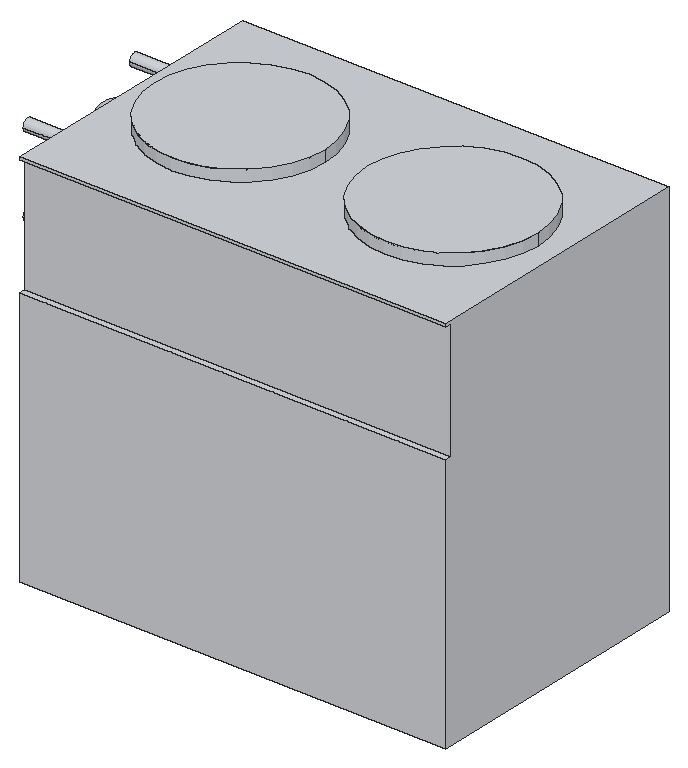
Revit family "93219e2bdbe042b4815f3100459ab103", category Mechanical Equipment, Revit 2021
Family settings
  Round Connector Dimension = Use Radius
  Part Type = Normal
  OmniClass Number = 23.75.10.37.11
  OmniClass Title = Mechanical-Draft Cooling Towers
  Seek Item ID = Cooling Tower - Closed Circuit - Counterflow - 227-644 MBH-0000-USA-ENU
  Work Plane-Based = No
  Always vertical = Yes
  Cut with Voids When Loaded = No
  Shared = No
  Room Calculation Point = No
Parameters (values of type "227 MBH")
  Voltage = 460 V
  Visible 2 = no
  Visible 1 = yes
  Tower Width = 7' - 10"
  Tower Material = none
  Tower Length = 11' - 11 3/4"
  Tower Height = 11' - 0 1/4"
  Radius 2 = Tower Length / 7  # 1' - 8.53571"
  Radius 1 = Tower Length / 5  # 2' - 4 3/4"
  Make-up Water Pressure Drop [instance] = 0.00 psi
  Load Classification = Cooling
  Default Elevation = 0' - 0"
  Cooling Water Pressure Drop [instance] = 50.00 psi
  Number of Poles = 3
  Number of Fans = 2
  Motor HP = 30
  Make-up Water Radius = 1"
  Make-up Water Flow [instance] = 0.05 * Cooling Water Flow / 100  # 0.285 GPM
  Length 2 = 1' - 6 5/8"
  Length 1 = 1' - 5"
  Height 1 = 7' - 3 3/8"
  Heat Loss [instance] = 227000 Btu/h
  Fan Air Flow [instance] = 52400 CFM
  Drain Radius = 2"
  Distance 2 = 2' - 3"
  Distance 1 = 3' - 8 7/8"
  Cooling Water Radius = Cooling Water Diameter / 2  # 2"
  Cooling Water Flow [instance] = 570 GPM
  Cooling Water Diameter = 4"
  C6 Offset 2 = 0' - 3 1/4"
  C6 Offset 1 = 3' - 2 5/8"
  C5 Offset 2 = 2' - 11"
  C5 Offset 1 = 3' - 2 5/8"
  C4 Offset 2 = 0' - 7"
  C1 Offset 1 = 2' - 0 1/2"
  Apparent Load = 18803 VA
Types (17): name | Visible 2 | Visible 1 | Tower Width | Tower Length | Tower Height | Radius 2 | Radius 1 | Cooling Water Pressure Drop | Number of Fans | Motor HP | Make-up Water Flow | Length 2 | Length 1 | Height 1 | Heat Loss | Fan Air Flow | Distance 2 | Distance 1 | Cooling Water Flow | C6 Offset 2 | C6 Offset 1 | C5 Offset 2 | C5 Offset 1 | C4 Offset 2 | C1 Offset 1 | Apparent Load
  (no name) | no | yes | 7' - 10" | 11' - 11 3/4" | 11' - 0 1/4" | 1' - 8.53571" | 2' - 4 3/4" | 50.00 psi | 2 | 30 | 0.285 GPM | 1' - 6 5/8" | 1' - 5" | 7' - 3 3/8" | 227000 Btu/h | 52400 CFM | 2' - 3" | 3' - 8 7/8" | 570 GPM | 0' - 3 1/4" | 3' - 2 5/8" | 2' - 11" | 3' - 2 5/8" | 0' - 7" | 2' - 0 1/2" | 18803 VA
  605 MBH | yes | no | 9' - 9 3/4" | 18' - 0 1/4" | 13' - 11 1/4" | 2' - 6.89286" | 3' - 7 1/4" | 65.00 psi | 3 | 67.5 | 0.515 GPM | 1' - 9" | 2' - 0 7/8" | 8' - 6 1/2" | 605000 Btu/h | 108700 CFM | 2' - 6 3/4" | 4' - 9" | 1030 GPM | 0' - 3 3/4" | 1' - 11 7/8" | 2' - 7" | 4' - 1 7/8" | 0' - 4 5/8" | 2' - 6 1/4" | 42307 VA
  227 MBH | no | yes | 7' - 10" | 11' - 11 3/4" | 11' - 0 1/4" | 1' - 8.53571" | 2' - 4 3/4" | 50.00 psi | 2 | 30 | 0.285 GPM | 1' - 6 5/8" | 1' - 5" | 7' - 3 3/8" | 227000 Btu/h | 52400 CFM | 2' - 3" | 3' - 8 7/8" | 570 GPM | 0' - 3 1/4" | 3' - 2 5/8" | 2' - 11" | 3' - 2 5/8" | 0' - 7" | 2' - 0 1/2" | 18803 VA
  276 MBH | no | yes | 7' - 10" | 11' - 11 3/4" | 11' - 7 3/4" | 1' - 8.53571" | 2' - 4 3/4" | 50.00 psi | 2 | 35 | 0.285 GPM | 1' - 6 5/8" | 1' - 5" | 7' - 3 3/8" | 276000 Btu/h | 54600 CFM | 2' - 3" | 3' - 8 7/8" | 570 GPM | 0' - 3 1/4" | 3' - 2 5/8" | 2' - 11" | 3' - 2 5/8" | 0' - 7" | 2' - 0 1/2" | 21937 VA
  294 MBH | yes | no | 9' - 9 3/4" | 11' - 11 3/4" | 12' - 6 3/4" | 1' - 8.53571" | 2' - 4 3/4" | 55.00 psi | 3 | 45 | 0.3425 GPM | 1' - 6 5/8" | 2' - 2" | 8' - 6 1/2" | 294000 Btu/h | 75800 CFM | 2' - 6 3/4" | 4' - 9" | 685 GPM | 0' - 3 3/4" | 1' - 11 7/8" | 2' - 7" | 4' - 1 7/8" | 0' - 4 5/8" | 2' - 6 1/4" | 28204 VA
  309 MBH | no | yes | 7' - 10" | 11' - 11 3/4" | 12' - 3 1/4" | 1' - 8.53571" | 2' - 4 3/4" | 50.00 psi | 2 | 45 | 0.285 GPM | 1' - 5" | 1' - 5" | 7' - 3 3/8" | 309000 Btu/h | 58900 CFM | 2' - 3" | 3' - 8 7/8" | 570 GPM | 0' - 3 1/4" | 3' - 2 5/8" | 2' - 11" | 3' - 2 5/8" | 0' - 7" | 2' - 0 1/2" | 28204 VA
  311 MBH | no | yes | 7' - 10" | 18' - 0" | 11' - 0 1/4" | 2' - 6.85714" | 3' - 7.2" | 60.00 psi | 2 | 47.5 | 0.42 GPM | 1' - 7 3/4" | 1' - 5" | 7' - 3 3/8" | 311000 Btu/h | 80100 CFM | 2' - 3" | 3' - 8 7/8" | 840 GPM | 0' - 3 1/4" | 3' - 2 5/8" | 2' - 11" | 3' - 2 5/8" | 0' - 7" | 2' - 0 1/2" | 29771 VA
  329 MBH | no | yes | 7' - 10" | 11' - 11 3/4" | 12' - 10 1/4" | 1' - 8.53571" | 2' - 4 3/4" | 50.00 psi | 2 | 45 | 0.285 GPM | 1' - 6 5/8" | 1' - 6" | 7' - 3 3/8" | 329000 Btu/h | 57700 CFM | 2' - 3" | 3' - 8 7/8" | 570 GPM | 0' - 3 1/4" | 3' - 2 5/8" | 2' - 11" | 3' - 2 5/8" | 0' - 7" | 2' - 0 1/2" | 28204 VA
  356 MBH | yes | no | 9' - 9 3/4" | 11' - 11 3/4" | 13' - 2 3/4" | 1' - 8.53571" | 2' - 4 3/4" | 55.00 psi | 3 | 45 | 0.3425 GPM | 1' - 7 3/4" | 2' - 2" | 8' - 6 1/2" | 356000 Btu/h | 74400 CFM | 2' - 6 3/4" | 4' - 9" | 685 GPM | 0' - 3 3/4" | 1' - 11 7/8" | 2' - 7" | 4' - 1 7/8" | 0' - 4 5/8" | 2' - 6 1/4" | 28204 VA
  376 MBH | no | yes | 7' - 10" | 18' - 0" | 11' - 7 3/4" | 2' - 6.85714" | 3' - 7.2" | 60.00 psi | 3 | 47.5 | 0.42 GPM | 1' - 5" | 1' - 5" | 7' - 3 3/8" | 376000 Btu/h | 78500 CFM | 2' - 3" | 3' - 8 7/8" | 840 GPM | 0' - 3 1/4" | 3' - 2 5/8" | 2' - 11" | 3' - 2 5/8" | 0' - 7" | 2' - 0 1/2" | 29771 VA
  400 MBH | yes | no | 9' - 9 3/4" | 11' - 11 3/4" | 13' - 11 1/4" | 1' - 8.53571" | 2' - 4 3/4" | 55.00 psi | 3 | 45 | 0.3425 GPM | 1' - 9" | 2' - 2" | 8' - 6 1/2" | 400000 Btu/h | 72200 CFM | 2' - 6 3/4" | 4' - 9" | 685 GPM | 0' - 3 3/4" | 1' - 11 7/8" | 2' - 7" | 4' - 1 7/8" | 0' - 4 5/8" | 2' - 6 1/4" | 28204 VA
  426 MBH | yes | no | 9' - 9 3/4" | 11' - 11 3/4" | 14' - 7 3/4" | 1' - 8.53571" | 2' - 4 3/4" | 55.00 psi | 3 | 45 | 0.3425 GPM | 1' - 5" | 2' - 2" | 8' - 6 1/2" | 426000 Btu/h | 70800 CFM | 2' - 6 3/4" | 4' - 9" | 685 GPM | 0' - 3 3/4" | 1' - 11 7/8" | 2' - 7" | 4' - 1 7/8" | 0' - 4 5/8" | 2' - 6 1/4" | 28204 VA
  445 MBH | no | yes | 9' - 9 3/4" | 18' - 0 1/4" | 12' - 6 1/4" | 2' - 6.89286" | 3' - 7 1/4" | 65.00 psi | 3 | 57.5 | 0.515 GPM | 1' - 7 3/4" | 2' - 0 7/8" | 8' - 6 1/2" | 445000 Btu/h | 107200 CFM | 2' - 6 3/4" | 4' - 9" | 1030 GPM | 0' - 3 3/4" | 1' - 11 7/8" | 2' - 7" | 4' - 1 7/8" | 0' - 4 5/8" | 2' - 6 1/4" | 36039 VA
  468 MBH | yes | no | 7' - 10" | 18' - 0" | 12' - 3 1/4" | 2' - 6.85714" | 3' - 7.2" | 60.00 psi | 2 | 57.5 | 0.42 GPM | 1' - 5" | 1' - 5" | 7' - 3 3/8" | 468000 Btu/h | 82900 CFM | 2' - 3" | 3' - 8 7/8" | 840 GPM | 0' - 3 1/4" | 3' - 2 5/8" | 2' - 11" | 3' - 2 5/8" | 0' - 7" | 2' - 0 1/2" | 36039 VA
  499 MBH | no | yes | 7' - 10" | 18' - 0" | 12' - 10 3/4" | 2' - 6.85714" | 3' - 7.2" | 60.00 psi | 2 | 57.5 | 0.42 GPM | 1' - 9" | 2' - 2" | 7' - 3 3/8" | 499000 Btu/h | 81200 CFM | 2' - 3" | 3' - 8 7/8" | 840 GPM | 0' - 3 1/4" | 3' - 2 5/8" | 2' - 11" | 3' - 2 5/8" | 0' - 7" | 2' - 0 1/2" | 36039 VA
  539 MBH | yes | no | 9' - 9 3/4" | 18' - 0 1/4" | 13' - 2 3/4" | 2' - 6.89286" | 3' - 7 1/4" | 65.00 psi | 3 | 67.5 | 0.515 GPM | 1' - 7 3/4" | 2' - 0 7/8" | 8' - 6 1/2" | 539000 Btu/h | 112200 CFM | 2' - 6 3/4" | 4' - 9" | 1030 GPM | 0' - 3 3/4" | 1' - 11 7/8" | 2' - 7" | 4' - 1 7/8" | 0' - 4 5/8" | 2' - 6 1/4" | 42307 VA
  644 MBH | yes | no | 9' - 9 3/4" | 18' - 0 1/4" | 14' - 7 3/4" | 2' - 6.89286" | 3' - 7 1/4" | 65.00 psi | 3 | 67.5 | 0.515 GPM | 1' - 9" | 2' - 0 7/8" | 8' - 6 1/2" | 644000 Btu/h | 106200 CFM | 2' - 6 3/4" | 4' - 9" | 1030 GPM | 0' - 3 3/4" | 1' - 11 7/8" | 2' - 7" | 4' - 1 7/8" | 0' - 4 5/8" | 2' - 6 1/4" | 42307 VA
Reference planes
  plane 1 "Center (Front/Back)": y = 0
  plane 2: z = 0
  plane 3 "Center (Left/Right)": x = 0
  plane 4: x = 3651.25
  plane 5: y = 2387.6
  plane 6: x = -431.8
  plane 7 "2": x = -228.6
  plane 8 "1": y = 2184.4
  plane 9: z = 82.55
  plane 10: z = 3359.15
  plane 11: z = 184.15
  plane 12: z = 336.55
  plane 13: z = 387.35
  plane 14: z = 641.35
  plane 15: z = 996.95
  plane 16: x = -76.2
  plane 17: y = 50.8
  plane 18: z = 2219.325
  plane 19: z = 3235.325
  plane 20: z = 3260.725
  plane 21: y = 1406.525
  plane 22 "3": y = 1203.325
  plane 23: y = 1355.725
  plane 24: z = 514.35
  plane 25: z = 666.75
  plane 26: z = 3133.725
  plane 27: z = 3032.125
  plane 28: z = 2879.725
  plane 29: z = 2397.125
  plane 30: z = 3082.925
  plane 31: y = 1765.3
  plane 32: y = 625.475
  plane 33: z = 889
  plane 34: y = 1406.525
  plane 35: x = -50.8
  plane 36: x = 3524.25
  plane 37: x = 127
  plane 38: z = 2092.325
  plane 39: z = 127
  plane 40: z = 1811.564
  plane 41: z = 1530.804
  plane 42: z = 1250.043
  plane 43: z = 969.282
  plane 44: z = 688.521
  plane 45: z = 407.761
  plane 46: x = 730.25
  plane 47: x = 1460.5
  plane 48: x = 2190.75
  plane 49: x = 2921
  plane 50: y = 1219.2
  plane 51: x = 912.813
  plane 52: x = 1825.625
  plane 53: x = 2738.438
Forms (mm)
  Sweep 1, solid, material <- "Tower Material", detail levels medium+fine
    path in 3D
      loop
        arc (-228.6, 2184.4, 336.55) -> (-183.963, 2184.4, 228.787) -> (-76.2, 2184.4, 184.15) r 152.4
        line (-76.2, 2184.4, 184.15) -> (0, 2184.4, 184.15)
    profile origin (-38.1, 2184.4, 184.15) x (0, 0, -1) y (0, 1, 0)
      loop
        circle (0, 0) r 101.6
  Extrusion 2, solid, material <- "Tower Material"
    sketch origin (0, 0, 0) x (0, 1, 0) y (0, 0, 1)
      loop
        line (2387.6, 3260.725) -> (0, 3260.725) -> (0, 3235.325) -> (50.8, 3235.325) -> (50.8, 2219.325) -> (0, 2219.325) -> (0, 0) -> (2387.6, 0) -> (2387.6, 3260.725)
    from 3651.25 to 0
  Extrusion 3, solid, material <- "Tower Material", detail levels medium+fine
    sketch origin (0, 0, 0) x (1, 0, 0) y (0, 1, 0)
      loop
        circle (-228.6, 2184.4) r 203.2
    from 387.35 to 641.35
  Extrusion 4, solid, material <- "Tower Material", detail levels medium+fine
    sketch origin (0, 0, 0) x (1, 0, 0) y (0, 1, 0)
      loop
        circle (-228.6, 2184.4) r 152.4
    from 336.55 to 996.95
  Sweep 5, solid, material <- "Tower Material", detail levels medium+fine
    path in 3D
      loop
        line (-228.6, 2184.4, 514.35) -> (-228.6, 1355.725, 514.35)
        arc (-228.6, 1355.725, 514.35) -> (-228.6, 1247.962, 558.987) -> (-228.6, 1203.325, 666.75) r 152.4
        line (-228.6, 1203.325, 666.75) -> (-228.6, 1203.325, 2879.725)
        arc (-228.6, 1203.325, 2879.725) -> (-183.963, 1203.325, 2987.488) -> (-76.2, 1203.325, 3032.125) r 152.4
        line (-76.2, 1203.325, 3032.125) -> (0, 1203.325, 3032.125)
    profile origin (-228.6, 1770.062, 514.35) x (0, 0, -1) y (1, 0, 0)
      loop
        circle (0, 0) r 101.6
  Extrusion 6, solid, material <- "Tower Material"
    sketch origin (-228.6, 0, 0) x (0, 1, 0) y (0, 0, 1)
      loop
        circle (1765.3, 3082.925) r 50.8
      loop
        circle (625.475, 3082.925) r 50.8
      loop
        circle (625.475, 2397.125) r 50.8
      loop
        circle (1765.3, 2397.125) r 50.8
    from -203.2 to 228.6
  Extrusion 7, solid, material <- "Tower Material"
    sketch origin (-228.6, 0, 0) x (0, 1, 0) y (0, 0, 1)
      loop
        circle (1765.3, 996.95) r 228.6
      loop
        circle (1406.525, 889) r 25.4
      loop
        circle (1406.525, 82.55) r 50.8
    from 177.8 to 228.6
  Extrusion 8, solid, material <- "Tower Material", visible <- "Visible 2"
    sketch origin (0, 0, 0) x (1, 0, 0) y (0, 1, 0)
      loop
        circle (2921, 1219.2) r 521.607
      loop
        circle (1825.625, 1219.2) r 521.607
      loop
        circle (730.25, 1219.2) r 521.607
    from 3260.725 to 3359.15
  Extrusion 9, solid, material <- "Tower Material", visible <- "Visible 1"
    sketch origin (0, 0, 0) x (1, 0, 0) y (0, 1, 0)
      loop
        circle (912.813, 1219.2) r 730.25
      loop
        circle (2738.438, 1219.2) r 730.25
    from 3260.725 to 3359.15
Cuts and joins
  joined: Sweep 1, Extrusion 3, Extrusion 4, Sweep 5
  joined: Extrusion 2, Extrusion 6, Extrusion 7
Lines and regions (mm)
  reference lines
    curve 1: arc (-228.6, 2184.4, 336.55) -> (-183.963, 2184.4, 228.787) -> (-76.2, 2184.4, 184.15) r 152.4
    curve 2: line (-76.2, 2184.4, 184.15) -> (0, 2184.4, 184.15)
    curve 5: line (-228.6, 2184.4, 514.35) -> (-228.6, 1355.725, 514.35)
    curve 6: arc (-228.6, 1355.725, 514.35) -> (-228.6, 1247.962, 558.987) -> (-228.6, 1203.325, 666.75) r 152.4
    curve 7: line (-228.6, 1203.325, 666.75) -> (-228.6, 1203.325, 2879.725)
    curve 8: arc (-228.6, 1203.325, 2879.725) -> (-183.963, 1203.325, 2987.488) -> (-76.2, 1203.325, 3032.125) r 152.4
    curve 9: line (-76.2, 1203.325, 3032.125) -> (0, 1203.325, 3032.125)
  sketch lines
    curve 3: line (-76.2, 2184.4, 184.15) -> (0, 2184.4, 184.15)
    curve 4: arc (-228.6, 2184.4, 336.55) -> (-183.963, 2184.4, 228.787) -> (-76.2, 2184.4, 184.15) r 152.4
    curve 10: line (-228.6, 2184.4, 514.35) -> (-228.6, 1355.725, 514.35)
    curve 11: arc (-228.6, 1355.725, 514.35) -> (-228.6, 1247.962, 558.987) -> (-228.6, 1203.325, 666.75) r 152.4
    curve 12: line (-228.6, 1203.325, 666.75) -> (-228.6, 1203.325, 2879.725)
    curve 13: arc (-228.6, 1203.325, 2879.725) -> (-183.963, 1203.325, 2987.488) -> (-76.2, 1203.325, 3032.125) r 152.4
    curve 14: line (-76.2, 1203.325, 3032.125) -> (0, 1203.325, 3032.125)
  model lines, detail levels medium+fine
    curve 15: line (127, 0, 2092.325) -> (3524.25, 0, 2092.325)
    curve 16: line (127, 0, 127) -> (127, 0, 2092.325)
    curve 17: line (3524.25, 0, 127) -> (127, 0, 127)
    curve 18: line (3524.25, 0, 2092.325) -> (3524.25, 0, 127)
    curve 19: line (127, 0, 1811.564) -> (3524.25, 0, 1811.564)
    curve 20: line (3524.25, 0, 1530.804) -> (127, 0, 1530.804)
    curve 21: line (127, 0, 1250.043) -> (3524.25, 0, 1250.043)
    curve 22: line (3524.25, 0, 969.282) -> (127, 0, 969.282)
    curve 23: line (3524.25, 0, 688.521) -> (127, 0, 688.521)
    curve 24: line (3524.25, 0, 407.761) -> (127, 0, 407.761)
Dimensions and locks
  "Tower Length": plane 3 "Center (Left/Right)" to plane 4
  "Tower Width": plane 1 "Center (Front/Back)" to plane 5
  "Length 1": plane 6 to plane 3 "Center (Left/Right)"
  locked: plane 6 to plane 7 "2" at 203.2
  locked: plane 5 to plane 8 "1" at 203.2
  "C6 Offset 2": plane 9 to plane 2
  "Tower Height": plane 10 to plane 2
  locked: plane 11 to plane 9 at 101.6
  locked: plane 12 to plane 11 at 152.4
  locked: plane 13 to plane 12 at 50.8
  locked: plane 14 to plane 13 at 254
  locked: plane 15 to plane 14 at 355.6
  locked: plane 16 to plane 7 "2" at 152.4
  locked: plane 1 "Center (Front/Back)" to plane 17 at 50.8
  "Height 1": plane 18 to plane 2
  locked: plane 10 to plane 19 at 123.825
  locked: plane 20 to plane 19 at 25.4
  locked: plane 21 to plane 22 "3" at 203.2
  "C5 Offset 1": plane 5 to plane 21
  locked: plane 23 to plane 22 "3" at 152.4
  equal spacing: plane 14, plane 24, plane 13
  locked: plane 25 to plane 24 at 152.4
  locked: plane 19 to plane 26 at 101.6
  locked: plane 26 to plane 27 at 101.6
  locked: plane 26 to plane 28 at 254
  "C4 Offset 2": plane 29 to plane 18
  "Distance 2": plane 29 to plane 30
  "C1 Offset 1": plane 5 to plane 31
  "Distance 1": plane 31 to plane 32
  "C5 Offset 2": plane 33 to plane 2
  "C6 Offset 1": plane 5 to plane 34
  locked: plane 35 to plane 3 "Center (Left/Right)" at 50.8
  locked: plane 39 to plane 2 at 127
  locked: plane 18 to plane 38 at 127
  locked: plane 4 to plane 36 at 127
  locked: plane 37 to plane 3 "Center (Left/Right)" at 127
  equal spacing: plane 38, plane 40, plane 41, plane 42, plane 43, plane 44, plane 45, plane 39
  equal spacing: plane 3 "Center (Left/Right)", plane 46, plane 47, plane 48, plane 49, plane 4
  equal spacing: plane 5, plane 50, plane 17
  equal spacing: plane 3 "Center (Left/Right)", plane 51, plane 52, plane 53, plane 4
  radius of Sweep 1 sketch curve = 0' - 4"
  radius of Extrusion 3 sketch curve = 0' - 8"
  radius of Extrusion 4 sketch curve = 0' - 6"
  radius of curve 6 = 0' - 6"
  radius of curve 8 = 0' - 6"
  radius of Sweep 5 sketch curve = 0' - 4"
  "Cooling Water Radius": radius of Extrusion 6 sketch curve  (x4)
  radius of Extrusion 7 sketch curve = 0' - 9"
  "Make-up Water Radius": radius of Extrusion 7 sketch curve
  "Drain Radius": radius of Extrusion 7 sketch curve
  "Radius 2": radius of Extrusion 8 sketch curve  (x3)
  "Radius 1": radius of Extrusion 9 sketch curve  (x2)
  aligned and locked: plane 20 to Extrusion 2 sketch curve
  aligned and locked: plane 1 "Center (Front/Back)" to Extrusion 2 sketch curve  (x2)
  aligned and locked: Extrusion 2 sketch curve to plane 19
  aligned and locked: Extrusion 2 sketch curve to plane 17
  aligned and locked: plane 18 to Extrusion 2 sketch curve
  aligned and locked: Extrusion 2 sketch curve to plane 2
  aligned and locked: Extrusion 2 sketch curve to plane 5
  aligned and locked: plane 4 to Extrusion 2
  aligned and locked: Extrusion 2 to plane 3 "Center (Left/Right)"
  aligned and locked: plane 7 "2" to Extrusion 3 sketch curve
  aligned and locked: plane 8 "1" to Extrusion 3 sketch curve
  aligned and locked: plane 13 to Extrusion 3
  aligned and locked: plane 14 to Extrusion 3
  aligned and locked: plane 7 "2" to Extrusion 4 sketch curve
  aligned and locked: plane 8 "1" to Extrusion 4 sketch curve
  aligned and locked: plane 15 to Extrusion 4
  aligned and locked: Extrusion 4 to plane 12
  aligned and locked: plane 23 to curve 6
  aligned and locked: plane 25 to curve 6
  aligned and locked: plane 16 to curve 8
  aligned and locked: plane 28 to curve 8
  aligned and locked: plane 32 to Extrusion 6 sketch curve  (x2)
  aligned and locked: plane 29 to Extrusion 6 sketch curve  (x2)
  aligned and locked: plane 30 to Extrusion 6 sketch curve  (x2)
  aligned and locked: plane 31 to Extrusion 6 sketch curve  (x2)
  aligned and locked: plane 3 "Center (Left/Right)" to Extrusion 6
  aligned and locked: Extrusion 6 to plane 6
  aligned and locked: plane 34 to Extrusion 7 sketch curve
  aligned and locked: plane 9 to Extrusion 7 sketch curve
  aligned and locked: plane 21 to Extrusion 7 sketch curve
  aligned and locked: plane 33 to Extrusion 7 sketch curve
  aligned and locked: plane 15 to Extrusion 7 sketch curve
  aligned and locked: Extrusion 7 sketch curve to plane 31
  aligned and locked: plane 3 "Center (Left/Right)" to Extrusion 7
  aligned and locked: Extrusion 7 to plane 35
  aligned and locked: plane 37 to curve 15
  aligned and locked: curve 15 to plane 38
  aligned and locked: plane 39 to curve 18
  aligned and locked: curve 18 to plane 36
  aligned and locked: plane 49 to Extrusion 8 sketch curve
  aligned and locked: plane 50 to Extrusion 8 sketch curve  (x3)
  aligned and locked: plane 52 to Extrusion 8 sketch curve
  aligned and locked: plane 46 to Extrusion 8 sketch curve
  aligned and locked: plane 51 to Extrusion 9 sketch curve
  aligned and locked: plane 50 to Extrusion 9 sketch curve  (x2)
  aligned and locked: plane 53 to Extrusion 9 sketch curve
  aligned and locked: Extrusion 9 to plane 10
  aligned and locked: Extrusion 9 to plane 20
  aligned and locked: Extrusion 8 to plane 10
  aligned and locked: Extrusion 8 to plane 20
Automatic sketch dimensions
  curve 2 to plane 3 "Center (Left/Right)" = 0' - 0"
  curve 1 to plane 11 = 0' - 0"
  curve 1 to plane 16 = 0' - 0"
  curve 1 to plane 7 "2" = 0' - 0"
  Sweep 1 sketch curve to profile plane = 0' - 0"  (x2)
  curve 5 to plane 8 "1" = 0' - 0"
  curve 7 to plane 28 = 0' - 0"
  curve 9 to plane 3 "Center (Left/Right)" = 0' - 0"
  Sweep 5 sketch curve to profile plane = 0' - 0"  (x2)
  curve 24 to plane 45 = 0' - 0"
  curve 23 to plane 44 = 0' - 0"
  curve 22 to plane 43 = 0' - 0"
  curve 21 to plane 42 = 0' - 0"
  curve 20 to plane 41 = 0' - 0"
  curve 19 to plane 40 = 0' - 0"
Connectors
  piping at (-431.8, 1765.3, 3082.925), diameter 101.6, driven by "Cooling Water Radius", driven by "Cooling Water Pressure Drop", driven by "Cooling Water Flow"
    settings: on Extrusion 6, index 1, connector inside diameter 4", connector length 0' - 0", flow factor 0, pipe flow 570 GPM, pressure drop 50.00 psi, fitting loss kfactor 0, connector angle 0.00°, fixture units 0, engagement length 0' - 0", angle of deflection 0.00°, flow configuration 0, flow direction 2, fitting loss method 4, system type 7, joint type 0, gender type 0, connector reference index 3, connector utility 0, adjustable connector no, is connector primary yes, connector description "Condenser Water Out"
  piping at (-431.8, 625.475, 3082.925), diameter 101.6, driven by "Cooling Water Radius", driven by "Cooling Water Pressure Drop", driven by "Cooling Water Flow"
    settings: on Extrusion 6, index 2, connector inside diameter 4", connector length 0' - 0", flow factor 0, pipe flow 570 GPM, pressure drop 50.00 psi, fitting loss kfactor 0, connector angle 0.00°, fixture units 0, engagement length 0' - 0", angle of deflection 0.00°, flow configuration 0, flow direction 2, fitting loss method 4, system type 7, joint type 0, gender type 0, connector reference index 4, connector utility 0, adjustable connector no, is connector primary no, connector description "Condenser Water Out"
  piping at (-431.8, 1765.3, 2397.125), diameter 101.6, driven by "Cooling Water Radius", driven by "Cooling Water Flow"
    settings: on Extrusion 6, index 3, connector inside diameter 4", connector length 0' - 0", flow factor 0, pipe flow 570 GPM, pressure drop 0.00 psi, fitting loss kfactor 0, connector angle 0.00°, fixture units 0, engagement length 0' - 0", angle of deflection 0.00°, flow configuration 0, flow direction 1, fitting loss method 0, system type 8, joint type 0, gender type 0, connector reference index 1, connector utility 0, adjustable connector no, is connector primary no, connector description "Condenser Water In"
  piping at (-431.8, 625.475, 2397.125), diameter 101.6, driven by "Cooling Water Radius", driven by "Cooling Water Flow"
    settings: on Extrusion 6, index 4, connector inside diameter 4", connector length 0' - 0", flow factor 0, pipe flow 570 GPM, pressure drop 0.00 psi, fitting loss kfactor 0, connector angle 0.00°, fixture units 0, engagement length 0' - 0", angle of deflection 0.00°, flow configuration 0, flow direction 1, fitting loss method 0, system type 8, joint type 0, gender type 0, connector reference index 2, connector utility 0, adjustable connector no, is connector primary no, connector description "Condenser Water In"
  piping at (-50.8, 1406.525, 889), diameter 50.8, driven by "Make-up Water Radius", driven by "Make-up Water Flow", driven by "Make-up Water Pressure Drop"
    settings: on Extrusion 7, index 5, connector inside diameter 2", connector length 0' - 0", flow factor 0, pipe flow 0.285 GPM, pressure drop 0.00 psi, fitting loss kfactor 0, connector angle 0.00°, fixture units 0, engagement length 0' - 0", angle of deflection 0.00°, flow configuration 1, flow direction 1, fitting loss method 4, system type 20, joint type 0, gender type 0, connector reference index -1, connector utility 0, adjustable connector no, is connector primary no, connector description "Make-up Water In"
  piping at (-50.8, 1406.525, 82.55), diameter 101.6, driven by "Drain Radius"
    settings: on Extrusion 7, index 6, connector inside diameter 4", connector length 0' - 0", flow factor 0, pipe flow 0 GPM, pressure drop 0.00 psi, fitting loss kfactor 0, connector angle 0.00°, fixture units 0, engagement length 0' - 0", angle of deflection 0.00°, flow configuration 1, flow direction 2, fitting loss method 0, system type 16, joint type 0, gender type 0, connector reference index -1, connector utility 0, adjustable connector yes, is connector primary no, connector description "Drain Out"
  electrical at (-228.6, 2184.4, 996.95), driven by "Apparent Load", driven by "Voltage", driven by "Number of Poles", driven by "Load Classification"
    settings: on cut or joined group of Sweep 1, Extrusion 3, Extrusion 4, Sweep 5, index 7, voltage 460 V, apparent load 18803 VA, apparent load phase1 0 VA, apparent load phase2 0 VA, apparent load phase3 0 VA, power factor 0.8, load classification "Cooling", number of poles 3, system type 30, power factor state 1, is connector primary yes, connector utility no, sub classification motor no, connector description ""
